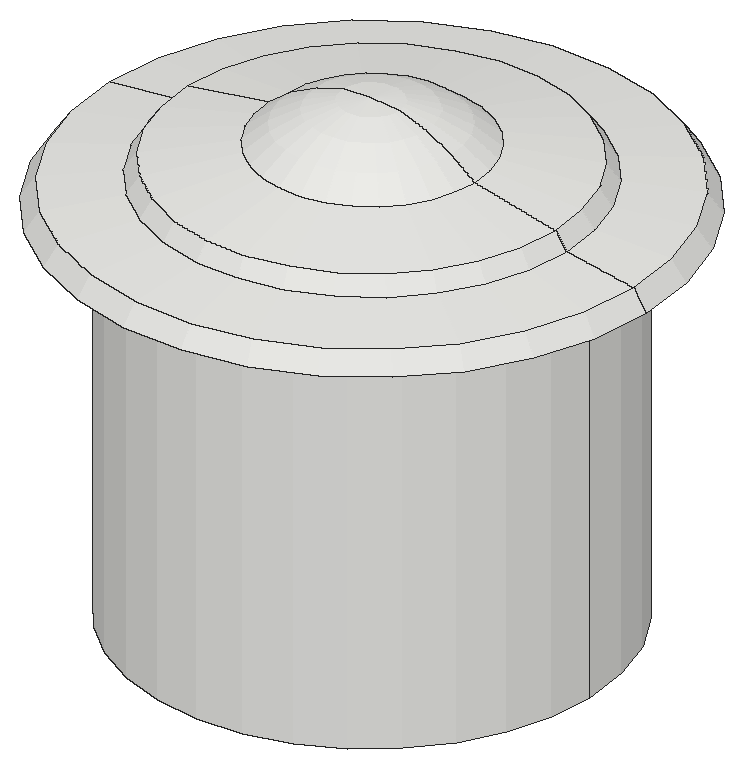
Revit family "Ceiling_Detector-Simon-Flush mounting", category Electrical Fixtures, host Face, Revit 2014
Parameters (values of type "Ceiling Detector")
  Voltage [instance] = 230 V
  URL = ""
  Type Comments = "Approximate detection range from 1 to 8 meters"
  Series = "Diverse"
  Number of Poles = 1
  Model = "10302-31"
  Load Classification [instance] = Lighting
  Manufacturer = "SIMON"
  Default Elevation = 1219.2 mm
  Description = "Flush mounting ceiling detector"
  Cost = 0
Reference planes
  plane 1 "Centro (Frontal/Posterior)": y = 0
  plane 2: z = 0
  plane 3 "Centro (Izquierda/Derecha)": x = 0
Forms (mm)
  Revolve 1, solid, material "9003 Signal white"
    sketch origin (0, 0, 0) x (1, 0, 0) y (0, 0, 1)
      loop
        line (-14.931, 8.141) -> (-26.72, 6.063) -> (-28.291, 3.827) -> (-38.162, 2.615) -> (-40, 0) -> (-31.75, 0) -> (-31.75, -53) -> (0, -53) -> (0, 14)
        arc (0, 14) -> (-8.02, 12.483) -> (-14.931, 8.141) r 21.956
      axis (0, 14) -> (0, -53)
    angle from 0 to 360
  Extrusion 2, void
    sketch origin (0, 0, 0) x (1, 0, 0) y (0, 1, 0)
      loop
        circle (0, 0) r 32
    from -53 to 0
Dimensions and locks
  aligned and locked: plane 2 to host face
  aligned and locked: level to host face
Connectors
  electrical at (0, 0, -53), driven by "Number of Poles", driven by "Voltage"
    settings: on Revolve 1, index 1, voltage 230 V, apparent load 0 VA, apparent load phase1 0 VA, apparent load phase2 0 VA, apparent load phase3 0 VA, power factor 1, load classification "Lighting", number of poles 1, system type 31, power factor state 1, is connector primary yes, connector utility no, sub classification motor no, connector description ""
